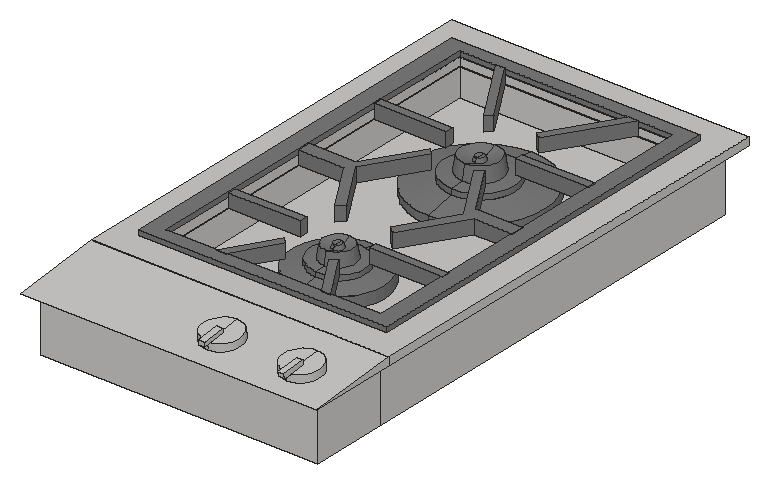
Revit family "VG232220CA", category Generic Models, Revit 2014
Parameters (values of type "VG232220CA")
  Width = 288 mm
  URL = "http://www.gaggenau.com."
  Model = "VG232220CA"
  Manufacturer = "Gaggenau"
  Height = 63.375 mm
  Unit = Metal Panel
  Description = "Gaggenau Vario 200 Series gas two burner cooktop"
  Depth = 523 mm
  Burner = Black
Reference planes
  plane 1 "Center (Front/Back)": y = 0
  plane 2: z = 0
  plane 3 "Center (Left/Right)": x = 0
  plane 4: x = -144
  plane 5: x = 144
  plane 6: y = 261.5
  plane 7: y = -261.5
  plane 8: z = 63.375
  plane 9: z = 54.875
Forms (mm)
  Extrusion 1, solid, material "Metal Panel" <- "Unit"
    sketch origin (0, 0, -33.125) x (1, 0, 0) y (0, 1, 0)
      loop
        line (-144, 261.5) -> (-144, -174.435) -> (144, -174.435) -> (144, 261.5) -> (-144, 261.5)
      loop
        line (-104, 221.5) -> (-104, -134.435) -> (104, -134.435) -> (104, 221.5) -> (-104, 221.5)
    from 88 to 96.5
  Extrusion 2, solid, material "Metal Panel" <- "Unit"
    sketch origin (0, 0, 0) x (0, 1, 0) y (0, 0, 1)
      loop
        line (-174.435, 63.375) -> (-261.5, 54.875) -> (-174.435, 54.875) -> (-174.435, 63.375)
    from -144 to 144
  Extrusion 3, solid, material "Metal Panel" <- "Unit"
    sketch origin (0, 0, 0) x (0, 1, 0) y (0, 0, 1)
      loop
        line (-174.435, 54.875) -> (-174.435, 0) -> (243.918, 0) -> (243.918, 54.875) -> (-174.435, 54.875)
    from -133.509 to 134.942
  Extrusion 4, solid, material "Metal Panel" <- "Unit"
    sketch origin (0, 0, 0) x (0, 1, 0) y (0, 0, 1)
      loop
        line (-174.435, 0) -> (-174.435, 54.875) -> (-249.536, 54.875) -> (-249.536, 0) -> (-174.435, 0)
    from -133.509 to 134.942
  Extrusion 5, void
    sketch origin (0, 0, 0) x (1, 0, 0) y (0, 1, 0)
      loop
        line (-104, 221.5) -> (-104, -134.435) -> (104, -134.435) -> (104, 221.5) -> (-104, 221.5)
    from 27.101 to 63.375
  Revolve 6, solid, material "Black" <- "Burner"
    sketch origin (0, 62.5, 7.5) x (0, 1, 0) y (0, 0, 1)
      loop
        line (72.078, 53.386) -> (59.088, 48.658) -> (57.807, 52.178) -> (53.717, 52.178) -> (53.717, 19.601) -> (116.437, 19.601) -> (116.437, 27.72) -> (87.593, 32.805) -> (87.593, 37.994) -> (74.55, 39.365) -> (72.078, 53.386)
      axis (53.717, 19.601) -> (53.717, 53.386)
    angle from 0 to 360
  Extrusion 7, solid, material "Black" <- "Burner"
    sketch origin (0, 0, -33.125) x (1, 0, 0) y (0, 1, 0)
      loop
        line (-69, 221.5) -> (-26.606, 153.656) -> (-21.074, 159.189) -> (-60.01, 221.5) -> (-69, 221.5)
      loop
        line (69, 221.5) -> (60.01, 221.5) -> (21.074, 159.189) -> (26.606, 153.656) -> (69, 221.5)
      loop
        line (-104, 124.96) -> (-104, 117.008) -> (-33.571, 117.008) -> (-33.571, 124.96) -> (-104, 124.96)
      loop
        line (104, 124.96) -> (33.571, 124.96) -> (33.571, 117.008) -> (104, 117.008) -> (104, 124.96)
      loop
        line (-58.257, 37.662) -> (-104, 37.662) -> (-104, 25.162) -> (-59.433, 25.162) -> (-27.566, -25.835) -> (-21.072, -19.341) -> (-52.979, 31.721) -> (-21.074, 82.78) -> (-26.606, 88.312) -> (-58.257, 37.662)
      loop
        line (58.257, 37.662) -> (26.606, 88.312) -> (21.074, 82.78) -> (56.417, 26.219) -> (25.304, -23.573) -> (32.182, -30.451) -> (66.933, 25.162) -> (104, 25.162) -> (104, 37.662) -> (58.257, 37.662)
      loop
        line (-55.414, -134.435) -> (-46.424, -134.435) -> (-21.074, -93.865) -> (-26.606, -88.333) -> (-55.414, -134.435)
      loop
        line (55.414, -134.435) -> (26.606, -88.333) -> (21.074, -93.865) -> (46.424, -134.435) -> (55.414, -134.435)
      loop
        line (-104, -59.637) -> (-33.571, -59.637) -> (-33.571, -51.685) -> (-104, -51.685) -> (-104, -59.637)
      loop
        line (104, -59.637) -> (104, -51.685) -> (33.571, -51.685) -> (33.571, -59.637) -> (104, -59.637)
    from 88 to 101.612
  Extrusion 8, solid, material "Black" <- "Burner"
    sketch origin (0, 0, -33.125) x (1, 0, 0) y (0, 1, 0)
      loop
        line (-104, 221.5) -> (-104, -134.435) -> (104, -134.435) -> (104, 221.5) -> (-104, 221.5)
      loop
        line (-120.968, 233.66) -> (-120.968, -146.34) -> (119.032, -146.34) -> (119.032, 233.66) -> (-120.968, 233.66)
    from 87.275 to 101.612
  Revolve 9, solid, material "Metal Panel" <- "Unit"
    sketch origin (100, 8.611, 18.146) x (0, 0.994972, 0.100156) y (0, -0.100156, 0.994972)
      loop
        line (-209.659, 63.542) -> (-209.659, 70.714) -> (-227.984, 70.714) -> (-227.984, 63.542) -> (-209.659, 63.542)
      axis (-227.984, 63.542) -> (-227.984, 70.714)
    angle from 0 to 360
  Extrusion 10, solid, material "Metal Panel" <- "Unit"
    sketch origin (97.5, 8.611, 18.146) x (0, 0.994972, 0.100156) y (0, -0.100156, 0.994972)
      loop
        line (-230.275, 70.714) -> (-230.275, 74.933) -> (-252.853, 74.933) -> (-252.853, 70.714) -> (-230.275, 70.714)
    from 0 to 5.773
  Revolve 11, solid, material "Black" <- "Burner"
    sketch origin (0, -2.5, 7.5) x (0, -1, 0) y (0, 0, -1)
      loop
        line (67.967, -51.89) -> (70.093, -39.833) -> (80.093, -38.782) -> (80.093, -34.128) -> (98.937, -30.805) -> (98.937, -19.601) -> (53.717, -19.601) -> (53.717, -52.178) -> (57.807, -52.178) -> (59.088, -48.658) -> (67.967, -51.89)
      axis (53.717, -19.601) -> (53.717, -52.178)
    angle from 0 to 360
  Revolve 12, solid, material "Metal Panel" <- "Unit"
    sketch origin (22.559, 8.611, 18.146) x (0, 0.994972, 0.100156) y (0, -0.100156, 0.994972)
      loop
        line (-209.659, 63.542) -> (-209.659, 70.714) -> (-227.984, 70.714) -> (-227.984, 63.542) -> (-209.659, 63.542)
      axis (-227.984, 63.542) -> (-227.984, 70.714)
    angle from 0 to 360
  Extrusion 13, solid, material "Metal Panel" <- "Unit"
    sketch origin (20.059, 8.611, 18.146) x (0, 0.994972, 0.100156) y (0, -0.100156, 0.994972)
      loop
        line (-230.275, 70.714) -> (-230.275, 74.933) -> (-252.853, 74.933) -> (-252.853, 70.714) -> (-230.275, 70.714)
    from 0 to 5.773
Cuts and joins
  Extrusion 5 cuts Extrusion 1
  Extrusion 5 cuts Extrusion 3
Dimensions and locks
  equal spacing: plane 4, plane 3 "Center (Left/Right)", plane 5
  equal spacing: plane 6, plane 1 "Center (Front/Back)", plane 7
  "Width": plane 4 to plane 5
  "Depth": plane 6 to plane 7
  "Height": plane 8 to plane 2
  plane 9 to plane 2 = 54.875 mm
  aligned and locked: level to plane 2
Automatic sketch dimensions
  Extrusion 1 sketch curve to plane 4 = 0 mm
  Extrusion 1 sketch curve to plane 5 = 0 mm
  Extrusion 1 sketch curve to plane 6 = 0 mm
  plane 4 to Extrusion 1 sketch curve = 40 mm
  plane 5 to Extrusion 1 sketch curve = 40 mm
  Extrusion 1 sketch curve to plane 6 = 40 mm
  Extrusion 1 sketch curve to plane 7 = 127.065 mm
  Extrusion 1 sketch curve to Extrusion 1 sketch curve = 40 mm
  Extrusion 2 sketch curve to plane 7 = 0 mm
  Extrusion 2 sketch curve to plane 9 = 0 mm
  Extrusion 2 sketch curve to plane 8 = 0 mm
  Extrusion 2 sketch curve to plane 7 = 87.065 mm
  Extrusion 3 sketch curve to level = 0 mm
  Extrusion 3 sketch curve to plane 9 = 0 mm
  Extrusion 3 sketch curve to plane 7 = 87.065 mm
  Extrusion 3 sketch curve to plane 6 = 17.582 mm
  Extrusion 4 sketch curve to level = 0 mm
  Extrusion 4 sketch curve to plane 9 = 0 mm
  Extrusion 4 sketch curve to plane 7 = 11.964 mm
  Extrusion 4 sketch curve to Extrusion 4 sketch curve = 75.101 mm
  plane 4 to Extrusion 5 sketch curve = 40 mm
  plane 5 to Extrusion 5 sketch curve = 40 mm
  Extrusion 5 sketch curve to plane 7 = 127.065 mm
  Extrusion 5 sketch curve to plane 6 = 40 mm
  level to Revolve 6 sketch curve = 27.101 mm
  Revolve 6 sketch curve to plane 1 "Center (Front/Back)" = 116.217 mm
  Revolve 6 sketch curve to plane 8 = 3.697 mm
  Revolve 6 sketch curve to Revolve 6 sketch curve = 4.09 mm
  plane 9 to Revolve 6 sketch curve = 1.283 mm
  Revolve 6 sketch curve to Revolve 6 sketch curve = 1.281 mm
  Revolve 6 sketch curve to plane 8 = 2.489 mm
  Revolve 6 sketch curve to plane 9 = 8.01 mm
  Revolve 6 sketch curve to Revolve 6 sketch curve = 2.472 mm
  Revolve 6 sketch curve to Revolve 6 sketch curve = 13.043 mm
  Revolve 6 sketch curve to Revolve 6 sketch curve = 28.843 mm
  Revolve 6 sketch curve to Revolve 6 sketch curve = 8.118 mm
  Revolve 6 sketch curve to plane 9 = 14.57 mm
  Revolve 6 sketch curve to Revolve 6 sketch curve = 5.188 mm
  Revolve 6 sketch curve to Revolve 6 sketch curve = 0 mm
  Revolve 6 sketch curve to Revolve 6 sketch curve = 13.797 mm
  Revolve 6 sketch curve to plane 9 = 4.629 mm
  plane 4 to Extrusion 7 sketch curve = 40 mm  (x3)
  Extrusion 7 sketch curve to plane 3 "Center (Left/Right)" = 69 mm
  Extrusion 7 sketch curve to Extrusion 7 sketch curve = 8.99 mm  (x4)
  Extrusion 7 sketch curve to Extrusion 7 sketch curve = 44.567 mm
  Extrusion 7 sketch curve to Extrusion 7 sketch curve = 1.176 mm
  Extrusion 7 sketch curve to plane 3 "Center (Left/Right)" = 55.414 mm
  Extrusion 7 sketch curve to Extrusion 7 sketch curve = 5.277 mm
  Extrusion 7 sketch curve to plane 3 "Center (Left/Right)" = 33.571 mm  (x2)
  Extrusion 7 sketch curve to Extrusion 7 sketch curve = 6.005 mm
  Extrusion 7 sketch curve to plane 3 "Center (Left/Right)" = 26.606 mm  (x3)
  Extrusion 7 sketch curve to Extrusion 7 sketch curve = 5.532 mm  (x12)
  Extrusion 7 sketch curve to Extrusion 7 sketch curve = 6.494 mm  (x2)
  plane 3 "Center (Left/Right)" to Extrusion 7 sketch curve = 21.074 mm  (x3)
  plane 3 "Center (Left/Right)" to Extrusion 7 sketch curve = 25.304 mm
  Extrusion 7 sketch curve to Extrusion 7 sketch curve = 6.878 mm  (x2)
  Extrusion 7 sketch curve to Extrusion 7 sketch curve = 6.964 mm
  Extrusion 7 sketch curve to Extrusion 7 sketch curve = 1.389 mm
  plane 3 "Center (Left/Right)" to Extrusion 7 sketch curve = 46.424 mm
  Extrusion 7 sketch curve to plane 1 "Center (Front/Back)" = 26.219 mm
  plane 3 "Center (Left/Right)" to Extrusion 7 sketch curve = 56.417 mm
  Extrusion 7 sketch curve to Extrusion 7 sketch curve = 1.839 mm
  plane 3 "Center (Left/Right)" to Extrusion 7 sketch curve = 60.01 mm
  Extrusion 7 sketch curve to Extrusion 7 sketch curve = 10.515 mm
  plane 5 to Extrusion 7 sketch curve = 40 mm  (x2)
  Extrusion 7 sketch curve to Extrusion 7 sketch curve = 37.067 mm
  Extrusion 7 sketch curve to plane 1 "Center (Front/Back)" = 25.162 mm
  Extrusion 7 sketch curve to Extrusion 7 sketch curve = 1.057 mm
  plane 1 "Center (Front/Back)" to Extrusion 7 sketch curve = 19.341 mm
  plane 1 "Center (Front/Back)" to Extrusion 7 sketch curve = 23.573 mm
  Extrusion 7 sketch curve to Extrusion 7 sketch curve = 21.234 mm
  plane 1 "Center (Front/Back)" to Extrusion 7 sketch curve = 51.685 mm
  Extrusion 7 sketch curve to Extrusion 7 sketch curve = 7.952 mm  (x4)
  Extrusion 7 sketch curve to Extrusion 7 sketch curve = 28.696 mm  (x6)
  Extrusion 7 sketch curve to Extrusion 7 sketch curve = 40.569 mm  (x2)
  Extrusion 7 sketch curve to Extrusion 7 sketch curve = 6.559 mm
  Extrusion 7 sketch curve to Extrusion 7 sketch curve = 11.443 mm
  Extrusion 7 sketch curve to Extrusion 7 sketch curve = 5.941 mm
  Extrusion 7 sketch curve to Extrusion 7 sketch curve = 45.118 mm
  Extrusion 7 sketch curve to Extrusion 7 sketch curve = 0 mm
  Extrusion 7 sketch curve to plane 6 = 40 mm  (x2)
  plane 4 to Extrusion 8 sketch curve = 23.032 mm
  Extrusion 8 sketch curve to Extrusion 8 sketch curve = 16.968 mm
  plane 5 to Extrusion 8 sketch curve = 40 mm
  Extrusion 8 sketch curve to Extrusion 8 sketch curve = 15.032 mm
  Extrusion 8 sketch curve to plane 7 = 115.16 mm
  Extrusion 8 sketch curve to Extrusion 8 sketch curve = 11.906 mm
  Extrusion 8 sketch curve to plane 6 = 40 mm
  Extrusion 8 sketch curve to Extrusion 8 sketch curve = 12.16 mm
  plane 9 to Revolve 9 sketch curve = 3.659 mm
  Revolve 9 sketch curve to plane 7 = 36.91 mm
  Revolve 9 sketch curve to Revolve 9 sketch curve = 18.325 mm
  Revolve 9 sketch curve to Revolve 9 sketch curve = 7.172 mm
  Revolve 9 sketch curve to Revolve 9 sketch curve = 0 mm  (x2)
  Revolve 9 sketch curve to Revolve 9 sketch curve = 2.893 mm
  Extrusion 10 sketch curve to plane 8 = 0.196 mm
  Extrusion 10 sketch curve to plane 7 = 11.447 mm
  Extrusion 10 sketch curve to Extrusion 10 sketch curve = 22.579 mm
  Extrusion 10 sketch curve to Extrusion 10 sketch curve = 4.22 mm
  level to Revolve 11 sketch curve = 27.101 mm
  plane 1 "Center (Front/Back)" to Revolve 11 sketch curve = 56.217 mm
  Revolve 11 sketch curve to plane 8 = 3.697 mm
  Revolve 11 sketch curve to Revolve 11 sketch curve = 4.09 mm
  plane 9 to Revolve 11 sketch curve = 1.283 mm
  Revolve 11 sketch curve to Revolve 11 sketch curve = 1.281 mm
  Revolve 11 sketch curve to plane 8 = 3.985 mm
  Revolve 11 sketch curve to plane 9 = 7.542 mm
  Revolve 11 sketch curve to Revolve 11 sketch curve = 2.126 mm
  Revolve 11 sketch curve to Revolve 11 sketch curve = 10.001 mm
  Revolve 11 sketch curve to Revolve 11 sketch curve = 18.843 mm
  Revolve 11 sketch curve to plane 9 = 8.593 mm
  Revolve 11 sketch curve to Revolve 11 sketch curve = 4.654 mm
  Revolve 11 sketch curve to Revolve 11 sketch curve = 11.204 mm
  Revolve 11 sketch curve to Revolve 11 sketch curve = 0 mm
  Revolve 11 sketch curve to plane 9 = 4.629 mm
  Revolve 11 sketch curve to Revolve 11 sketch curve = 9.348 mm
  plane 9 to Revolve 12 sketch curve = 3.659 mm
  Revolve 12 sketch curve to plane 7 = 36.91 mm
  Revolve 12 sketch curve to Revolve 12 sketch curve = 18.325 mm
  Revolve 12 sketch curve to Revolve 12 sketch curve = 7.172 mm
  Revolve 12 sketch curve to Revolve 12 sketch curve = 0 mm  (x2)
  Revolve 12 sketch curve to Revolve 12 sketch curve = 2.893 mm
  Extrusion 13 sketch curve to plane 8 = 0.196 mm
  Extrusion 13 sketch curve to plane 7 = 11.447 mm
  Extrusion 13 sketch curve to Extrusion 13 sketch curve = 22.579 mm
  Extrusion 13 sketch curve to Extrusion 13 sketch curve = 4.22 mm
